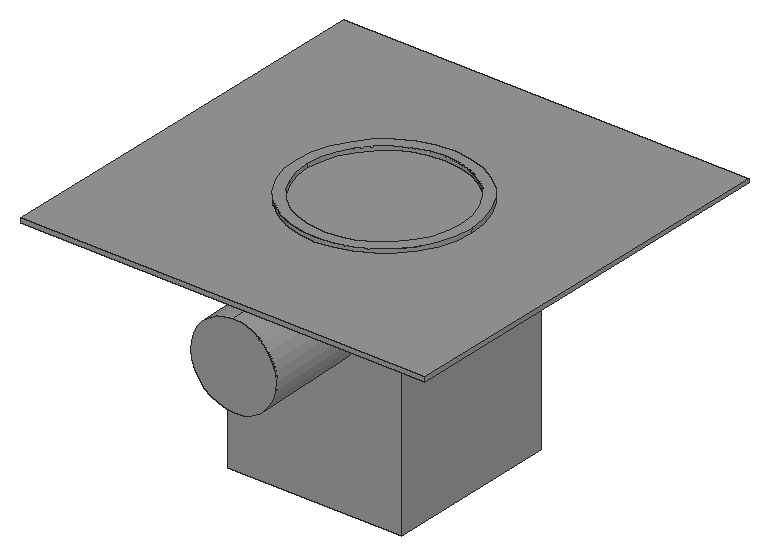
Revit family "RS521.60", category Sanitärinstallationen, Revit 2020
Family settings
  Bemaßung runder Anschluss = Durchmesser verwenden
  Teiletyp = Normal
  Arbeitsebenenbasiert = Nein
  Immer vertikal = Ja
  Beim Laden mit Abzugskörper schneiden = Nein
  Gemeinsam genutzt = Nein
  Raumberechnungspunkt = Nein
Parameters
  Übergangsbride [instance] = yes
  Zapfen RS518 [instance] = yes
  Vorgabe-Ansicht = 0 mm
  URL = "https://www.resitec.ch/"
  RS_s001 = 3 mm
  RS_dimH-mountplate [instance] = 10 mm
  RS_dimH-Rost [instance] = RS_Rost_h1 - 31 mm  # 69 mm
  RS_dim001 = 75 mm
  RS_dim002 = 125 mm
  RS_dim003 = RS_dim001 + 5 mm  # 80 mm
  RS_dia002 = 130 mm
  RS_dia001 = 114.3 mm
  RS_DVol-T = 300 mm
  RS_DVol-L = 300 mm
  RS_DN2 = 0 mm
  RS_DN1d [instance] = 63.5 mm
  RS_DN1 [instance] = 60 mm
  RS_AVol-T = 129 mm
  RS_AVol-L = 129 mm
  RS_AVol-H = 170 mm
  RS_URL = "https://www.resitec.ch/entwaesserungstechnik/"
  RS_Rost_h1 [instance] = 100 mm
  RS_Rost_Typ [instance] = "RS511.2.145"
  RS_Manufacture = "Resitec"  # constant formula
  RS_Description [instance] = "Bodenablauf aus rostfreiem Stahl 1.4404 (V4A)\r\ngebeizt, Typ RS 220/60 mit Schlitzrost barfuss\r\nbegehbar."
  RS_Articelnumber [instance] = "RD521.60"
  RS_Add_1 [instance] = ""
  RS641 Dichtung [instance] = yes
  Klebeblech mit Epoxidgrundierung = yes
  Hersteller = RS_Manufacture  # "Resitec"
  Description = ""
  Baugruppenkennzeichen = "D2030300"
  Anschlusswert DU L/s = 0
Reference planes
  plane 1 "Mitte (Vorne/hinten)": y = 0
  plane 2: z = 0
  plane 3 "Mitte (Links/rechts)": x = 0
  plane 4: z = 100
  plane 5: z = -170
  plane 6: z = 10
  plane 7: x = 150
  plane 8: y = 150
  plane 9: x = -150
  plane 10: y = -150
  plane 11: y = 64.5
  plane 12: x = 64.5
  plane 13: x = -64.5
  plane 14: y = -64.5
  plane 15: z = -45
  plane 16: y = -139.5
  plane 17: through (4267.2, -139.16, -57.991) normal (0, 0.9997, 0.0262)
  plane 18: z = 6
  plane 19: z = 86.968
  plane 20: z = 3
  plane 21: z = 69
Forms (mm)
  Extrusion 1, solid, material "Kautschuk", visible <- "RS641 Dichtung"
    sketch origin (0, 0, 0) x (1, 0, 0) y (0, 1, 0)
      loop
        circle (0, 0) r 65
      loop
        circle (0, 0) r 57.15
    from 3 to 6
  Extrusion 2, solid, material "Stahl, unlegiert"
    sketch origin (0, 0, 0) x (1, 0, 0) y (0, 1, 0)
      loop
        line (-64.5, 64.5) -> (-64.5, -64.5) -> (64.5, -64.5) -> (64.5, 64.5) -> (-64.5, 64.5)
    from -170 to 0
  Extrusion 3, solid, material "Stahl, unlegiert"
    sketch origin (4267.2, -139.461, -46.495) x (0, -0.026177, 0.999657) y (1, 0, 0)
      loop
        circle (-0.6, -4267.2) r 31.75
    from 0 to 80
  Extrusion 4, solid, material "Stahl, unlegiert"
    sketch origin (0, 0, 0) x (1, 0, 0) y (0, 1, 0)
      loop
        line (-150, 150) -> (-150, -150) -> (150, -150) -> (150, 150) -> (-150, 150)
      loop
        circle (0, 0) r 64.5
    from 0 to 3
Lines and regions (mm)
  reference lines
    curve 1: line (-60, 0, 0) -> (60, 0, 0)
    curve 2: line (0, 60, 0) -> (0, -60, 0)
    curve 3: line (-55.15, 0, 0) -> (55.15, 0, 0)
    curve 4: line (0, 55.15, 0) -> (0, -55.15, 0)
    curve 5: line (-70.5, 0, 0) -> (70.5, 0, 0)
    curve 6: line (0, -70.5, 0) -> (0, 70.5, 0)
Dimensions and locks
  "RS_Rost_h1": plane 4 to level
  equal spacing: Extrusion 1, Extrusion 1, level
  "RS_AVol-H": level to plane 5
  "RS_dimH-mountplate": plane 6 to level
  equal spacing: plane 8, plane 1 "Mitte (Vorne/hinten)", plane 10
  equal spacing: plane 9, plane 3 "Mitte (Links/rechts)", plane 7
  "RS_DVol-T": plane 8 to plane 10
  "RS_DVol-L": plane 9 to plane 7
  equal spacing: plane 13, plane 3 "Mitte (Links/rechts)", plane 12
  "RS_AVol-L": plane 13 to plane 12
  equal spacing: plane 11, plane 1 "Mitte (Vorne/hinten)", plane 14
  "RS_AVol-T": plane 11 to plane 14
  plane 1 "Mitte (Vorne/hinten)" to Extrusion 2 = 64.5 mm
  "RS_dim001": plane 16 to plane 14
  "RS_dim002": plane 15 to plane 5
  "RS_dim003": Extrusion 3 to plane 17
  plane 4 to plane 19 = 13.032 mm
  locked: plane 4 to plane 19 at 13.032
  "RS_s001": plane 20 to level
  "RS_dimH-Rost": plane 21 to level
  diameter of Extrusion 1 = 130 mm
  "RS_DN1d": diameter of Extrusion 3 sketch curve
  "RS_dia002": diameter of Extrusion 1 sketch curve
  "RS_dia001": diameter of Extrusion 1 sketch curve
  angle plane 16 to plane 17 = 1.50°
  angle plane 17 to plane 10 = 1.50°
  aligned and locked: level to plane 2
  aligned and locked: Extrusion 2 sketch curve to plane 11
  aligned and locked: Extrusion 2 sketch curve to plane 12
  aligned and locked: plane 13 to Extrusion 2 sketch curve
  aligned and locked: plane 14 to Extrusion 2 sketch curve
  aligned and locked: Extrusion 2 to plane 5
  aligned and locked: level to Extrusion 2
  aligned and locked: plane 2 to Extrusion 2
  aligned and locked: plane 18 to Extrusion 1
Automatic sketch dimensions
  plane 1 "Mitte (Vorne/hinten)" to curve 5 = 0 mm
  plane 1 "Mitte (Vorne/hinten)" to curve 1 = 0 mm
  plane 1 "Mitte (Vorne/hinten)" to curve 3 = 0 mm
  curve 2 to plane 3 "Mitte (Links/rechts)" = 0 mm
  curve 6 to plane 3 "Mitte (Links/rechts)" = 0 mm
  curve 4 to plane 3 "Mitte (Links/rechts)" = 0 mm
  curve 3 to plane 3 "Mitte (Links/rechts)" = 55.15 mm
  curve 1 to curve 3 = 4.85 mm
  curve 5 to curve 1 = 10.5 mm
  plane 3 "Mitte (Links/rechts)" to curve 3 = 55.15 mm
  curve 3 to curve 1 = 4.85 mm
  curve 1 to curve 5 = 10.5 mm
  plane 1 "Mitte (Vorne/hinten)" to curve 4 = 55.15 mm
  curve 2 to curve 4 = 4.85 mm
  curve 6 to curve 2 = 10.5 mm
  curve 4 to plane 1 "Mitte (Vorne/hinten)" = 55.15 mm
  curve 4 to curve 2 = 4.85 mm
  curve 2 to curve 6 = 10.5 mm
  Extrusion 4 sketch curve to plane 9 = 0 mm
  plane 1 "Mitte (Vorne/hinten)" to Extrusion 4 sketch curve = 0 mm
  Extrusion 4 sketch curve to plane 3 "Mitte (Links/rechts)" = 0 mm
  Extrusion 4 sketch curve to plane 7 = 0 mm
  Extrusion 4 sketch curve to plane 10 = 0 mm
  Extrusion 4 sketch curve to plane 8 = 0 mm
  Extrusion 1 sketch curve to Extrusion 1 sketch curve = 0 mm  (x2)
  plane 1 "Mitte (Vorne/hinten)" to Extrusion 1 sketch curve = 0 mm
  Extrusion 1 sketch curve to plane 3 "Mitte (Links/rechts)" = 0 mm
  Extrusion 3 sketch curve to plane 3 "Mitte (Links/rechts)" = 0 mm
  radius of Extrusion 4 sketch curve = 64.5 mm
Connectors
  piping at (0, -139.445, -47.094), diameter 60, driven by "RS_DN1"
    settings: on Extrusion 3, index 1, connector inside diameter 609.6 mm, connector length 0 mm, flow factor 0, pipe flow 0.0 L/s, pressure drop 0.0 Pa, fitting loss kfactor 0, connector angle 0.00°, fixture units 0, engagement length 0 mm, angle of deflection 0.00°, flow configuration 0, flow direction 2, fitting loss method 0, system type 16, joint type 0, gender type 0, connector reference index -1, connector utility 0, adjustable connector no, is connector primary yes, connector description ""
